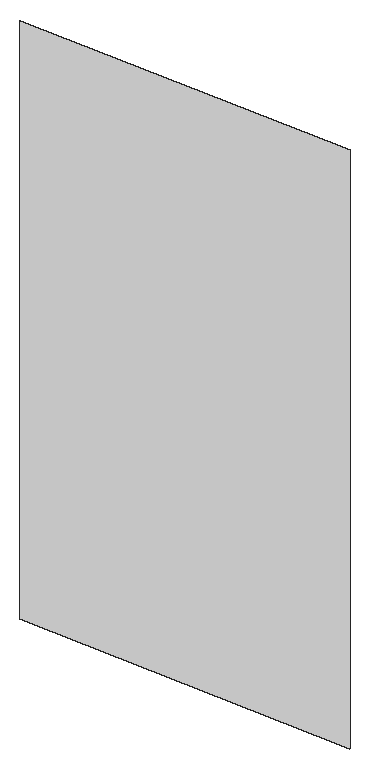
Revit family "PKNail CATV Outlet", category Electrical Fixtures, host Wall, Revit 2017
Family settings
  Host = Wall
  Maintain Annotation Orientation = No
  Round Connector Dimension = Use Diameter
  Part Type = Normal
  OmniClass Number = 23.80.50.11.11
  OmniClass Title = Receptacle Terminal Units
  Always vertical = Yes
  Cut with Voids When Loaded = No
  Shared = No
  Room Calculation Point = No
Parameters (values of type "CATV Outlet")
  Width = 70.00 mm
  PKNail Family Measure Location Centered = yes
  PKNail Family Instance Elevation [instance] = 250.00 mm
  PKNail Family Fixed Dimensions = "Width:Height"
  Label = "CATV"
  Height = 114.00 mm
  Material = Plastic - White
Reference planes
  plane 1: y = 0
  plane 2 "Center (Left/Right)": x = 0
  plane 3 "Back": y = 76.2
  plane 4 "Left": x = -35
  plane 5 "Right": x = 35
  plane 6: z = 247.65
  plane 7: z = 361.65
  plane 8 "Center (Elevation)": z = 304.65
  plane 9: y = 80.962
  plane 10: y = 82.55
  plane 11: z = 54.65
Forms (mm)
  Blend 1, solid, material "Plastic - White" <- "Material"
    base sketch origin (0, 76.2, 0) x (1, 0, 0) y (0, 0, 1)
      loop
        line (35, 361.65) -> (-35, 361.65) -> (-35, 247.65) -> (35, 247.65) -> (35, 361.65)
    top sketch origin (0, 76.2, 0) x (1, 0, 0) y (0, 0, 1)
      loop
        line (30.238, 356.888) -> (-30.237, 356.888) -> (-30.237, 252.413) -> (30.238, 252.413) -> (30.238, 356.888)
    from 0 to -4.762
Lines and regions (mm)
  model lines, style "InvisibleLines"
    curve 1: line (0, 76.2, 247.65) -> (0, 76.2, 54.65)
Text (mm)
  text "Placement Side" at (0, 1019.848, 3124.603), in view "Right"
  text "Placement Side" at (0, 1206.291, 3571.227), in view "Left"
Dimensions and locks
  locked: plane 3 "Back" to host wall
  "Height": plane 6 to plane 7
  "Width": plane 5 "Right" to plane 4 "Left"
  equal spacing: plane 5 "Right", plane 2 "Center (Left/Right)", plane 4 "Left"
  equal spacing: plane 6, plane 8 "Center (Elevation)", plane 7
  locked: plane 3 "Back" to plane 9 at 4.762
  locked: plane 9 to plane 10 at 1.588
  "PKNail Family Instance Elevation": plane 11 to plane 8 "Center (Elevation)"
  aligned and locked: plane 6 to Blend 1 sketch curve
  aligned and locked: plane 5 "Right" to Blend 1 sketch curve
  aligned and locked: Blend 1 sketch curve to plane 7
  aligned and locked: plane 3 "Back" to nested 1
  aligned and locked: Blend 1 to curve 1
  aligned and locked: curve 1 to plane 2 "Center (Left/Right)"
Automatic sketch dimensions
  plane 4 "Left" to Blend 1 sketch curve = 4.762 mm
  Blend 1 sketch curve to plane 5 "Right" = 4.763 mm
  Blend 1 sketch curve to plane 6 = 4.763 mm
  plane 7 to Blend 1 sketch curve = 4.762 mm
  Blend 1 sketch curve to plane 4 "Left" = 0.00 mm
  curve 1 to plane 11 = 0.00 mm
Nested families
  nested 1: "Outlet Annotation2" at (-0.091, 76.2, 0), type "Outlet Annotation2"
Definition of nested family "Outlet Annotation2"
  Parameters
    Label = "TV"
  Reference planes
    plane 1: y = 0
    plane 2: x = 0
  Lines and regions (mm)
    detail lines
      curve 1: line (0, 0.398, 0) -> (0, 2.778, 0)
      curve 2: line (-1.587, 5.953, 0) -> (1.587, 5.953, 0)
      curve 3: line (-1.587, 2.778, 0) -> (-1.587, 5.953, 0)
      curve 4: line (1.587, 2.778, 0) -> (-1.587, 2.778, 0)
      curve 5: line (1.587, 5.953, 0) -> (1.587, 2.778, 0)
  Text (mm)
    label "Label" at (-0.001, 4.356, 0), shows "Label"
